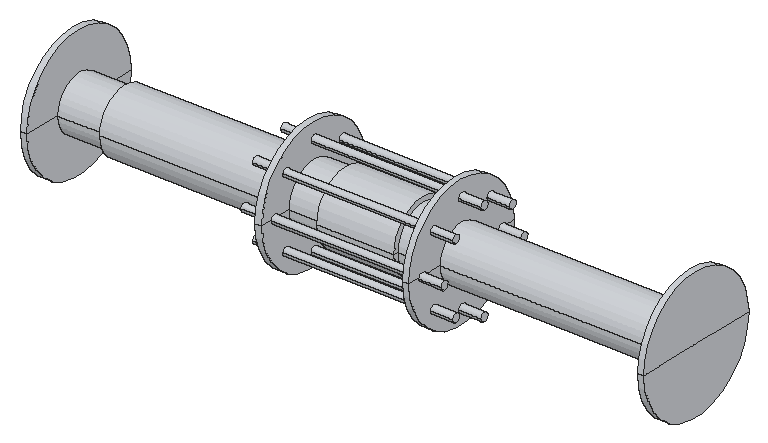
Revit family "df254bbe0ebb40a09fe2fa903b1b423b", category Pipe Fittings, Revit 2021
Family settings
  Round Connector Dimension = Use Radius
  Part Type = Union
  OmniClass Number = 23.60.30.11.14.14
  OmniClass Title = Pipe Expansion Compensators
  Work Plane-Based = No
  Always vertical = Yes
  Cut with Voids When Loaded = No
  Shared = No
Parameters (values of type "Standard")
  Wall Thickness [instance] = 0.3000"
  Tick Size 2 [instance] = Flange Diameter * 0.4  # 3.3920"
  Tick Size 1 [instance] = Fitting Outside Diameter * 0.4  # 1.4000"
  Slip Pipe Withdrawal [instance] = (Project Max Operating Temperature - Project Installation Temperature) / (Project Max Operating Temperature - Project Min Operating Temperature) * Axial Movement  # 1.74366"
  Project Temperature Change [instance] = 150 °F
  Project Pipe Length [instance] = 600.0000"
  Packing Ring Thickness [instance] = size_lookup(Lookup Table Name Ring, "FThk", 0.02 * Nominal Diameter + 0.3500", Nominal Diameter)  # 0.4100"
  Packing Ring Radius [instance] = Packing Ring Diameter / 2  # 4.2400"
  Packing Ring Diameter [instance] = size_lookup(Lookup Table Name Ring, "FDia", 1.13 * Nominal Diameter + 5.0900", Nominal Diameter)  # 8.4800"
  Packing Chamber Length Label [instance] = if(Packing Chamber Length > Length 5 - (2 * Body Ring Thickness) - 0.5000", Length 5 - 2 * Body Ring Thickness - 0.5000", Packing Chamber Length)  # 5.0000"
  Packing Chamber Length = 5.0000"
  Nominal Radius [instance] = 1.5000"
  Nominal Diameter [instance] = Nominal Radius * 2  # 3.0000"
  Project Min Operating Temperature [instance] = -30 °F
  Project Max Operating Temperature [instance] = 120 °F
  Loss Method = Not Defined
  Lookup Table Name Ring = "Flange - Ring - Steel - Class 86"
  Lookup Table Name Flange = "Flange - Ring - Steel - Class 300"
  Lookup Table Name = "Expansion Joint Slip-Type Single End without Limit Rods - BV - Steel"
  Length 4 [instance] = Open Length / 2  # 20.2500"
  Length 3 [instance] = cos(45.00°) * Length 1  # 2.29103"
  Length 2 [instance] = 3.0000"
  Length 1 [instance] = Body Ring Radius - 1.0000"  # 3.2400"
  Length [instance] = if(Open, Open Length, Open Length - Slip Pipe Withdrawal)  # 40.5000"
  Project Installation Temperature [instance] = 10 °F
  Flange Thickness [instance] = size_lookup(Lookup Table Name Flange, "FThk", 0.02 * Nominal Diameter + 0.3500", Nominal Diameter)  # 0.4100"
  Flange Radius [instance] = Flange Diameter / 2  # 4.2400"
  Flange Diameter [instance] = size_lookup(Lookup Table Name Flange, "FDia", 1.13 * Nominal Diameter + 5.0900", Nominal Diameter)  # 8.4800"
  Fitting Outside Radius [instance] = Fitting Outside Diameter / 2  # 1.7500"
  Fitting Outside Diameter [instance] = size_lookup(Lookup Table Name, "FOD", Nominal Diameter, Nominal Diameter)  # 3.5000"
  Open [instance] = yes
  Open Length [instance] = 40.5000"
  Default Elevation = 0.0000"
  Closed [instance] = not(Open)  # no
  Length 5 [instance] = 10.0000"
  Body Ring Thickness [instance] = size_lookup(Lookup Table Name Ring, "FThk", 0.02 * Nominal Diameter + 0.3500", Nominal Diameter)  # 0.4100"
  Body Ring Radius [instance] = Body Ring Diameter / 2  # 4.2400"
  Body Ring Diameter [instance] = size_lookup(Lookup Table Name Ring, "FDia", 1.13 * Nominal Diameter + 5.0900", Nominal Diameter)  # 8.4800"
  Axial Movement [instance] = 0.0000117 1/K * Project Pipe Length * (Project Temperature Change - -459.67 °F)  # 2.37771"
Reference planes (in)
  plane 1 "Center (Front/Back)": y = 0
  plane 2: z = 0
  plane 3 "Center (Left/Right)": x = 0
  plane 4: x = -20.25
  plane 5: x = 20.25
  plane 6: x = -16.84
  plane 7: x = -5
  plane 8: x = 5
  plane 9: y = 3.24
  plane 10: y = -3.24
  plane 11: y = 1.75
  plane 12: y = 2.05
  plane 13: y = 2.35
  plane 14: x = 4.59
  plane 15: x = -4.59
  plane 16: x = -2.5
  plane 17: x = 2.5
  plane 18 "body flange": y = 4.24
  plane 19: z = 3.24
  plane 20: z = -3.24
  plane 21: x = -6.5
  plane 22: x = 6.5
  plane 23: z = 2.29103
  plane 24: z = -2.29103
  plane 25: y = -2.29103
  plane 26: y = 2.29103
  plane 27: x = 16.84
  plane 28: x = 3.09
  plane 29 "packing ring": y = 4.24
  plane 30 "limit ring": y = 4.24
  plane 31: x = -19.84
  plane 32 "flange": y = 4.24
  plane 33: x = 19.84
Forms (in)
  Revolve 1, solid, detail levels fine
    sketch origin (0, 0, 0) x (1, 0, 0) y (0, 1, 0)
      loop
        line (-20.25, 0) -> (20.25, 0) -> (20.25, 4.24) -> (19.84, 4.24) -> (19.84, 1.75) -> (5, 1.75) -> (5, 4.24) -> (4.59, 4.24) -> (4.59, 2.05) -> (2.5, 2.05) -> (2.5, 2.35) -> (-2.5, 2.35) -> (-2.5, 2.05) -> (-4.59, 2.05) -> (-4.59, 4.24) -> (-5, 4.24) -> (-5, 2.05) -> (-16.84, 2.05) -> (-16.84, 1.75) -> (-19.84, 1.75) -> (-19.84, 4.24) -> (-20.25, 4.24) -> (-20.25, 0)
      axis (-20.25, 0) -> (20.25, 0)
    angle from 0 to 360
  Extrusion 2, solid, detail levels fine
    sketch origin (0, 0, 0) x (0, 1, 0) y (0, 0, 1)
      loop
        circle (-2.29103, 2.29103) r 0.25
      loop
        circle (-2.29103, -2.29103) r 0.25
      loop
        circle (2.29103, 2.29103) r 0.25
      loop
        circle (2.29103, -2.29103) r 0.25
      loop
        circle (0, -3.24) r 0.25
      loop
        circle (3.24, 0) r 0.25
      loop
        circle (-3.24, 0) r 0.25
      loop
        circle (0, 3.24) r 0.25
    from -6.5 to 6.5
Cuts and joins
  joined: Revolve 1, Extrusion 2
Lines and regions (in)
  model lines, detail levels coarse+medium
    curve 1: line (-20.25, 3.392, 0) -> (-20.25, -3.392, 0)
    curve 2: line (20.25, 3.392, 0) -> (20.25, -3.392, 0)
    curve 4: line (16.84, 0, 0) -> (20.25, 0, 0)
    curve 5: line (-20.25, 1.4, 0) -> (20.25, 1.4, 0)
    curve 6: line (20.25, -1.4, 0) -> (-20.25, -1.4, 0)
  model lines, style "PipeFitting", detail levels coarse+medium
    curve 3: line (-20.25, 0, 0) -> (-16.84, 0, 0)
Dimensions and locks (in)
  "Length": plane 4 to plane 5
  "Length 2": plane 31 to plane 6
  equal spacing: plane 7, plane 3 "Center (Left/Right)", plane 8
  "Length 5": plane 7 to plane 8
  "Length 1": plane 10 to plane 1 "Center (Front/Back)"
  "Length 1": plane 9 to plane 1 "Center (Front/Back)"
  "Fitting Outside Radius": plane 11 to plane 1 "Center (Front/Back)"
  "Wall Thickness": plane 12 to plane 11
  "Wall Thickness": plane 13 to plane 12
  "Body Ring Thickness": plane 7 to plane 15
  "Packing Ring Thickness": plane 14 to plane 8
  equal spacing: plane 16, plane 3 "Center (Left/Right)", plane 17
  "Packing Chamber Length Label": plane 16 to plane 17
  "Length 1": plane 2 to plane 20
  "Length 1": plane 19 to plane 2
  "Body Ring Radius": plane 18 "body flange" to plane 1 "Center (Front/Back)"
  locked: plane 21 to plane 7 at 1.5
  locked: plane 8 to plane 22 at 1.5
  "Length 4": plane 4 to plane 3 "Center (Left/Right)"
  "Tick Size 2": plane 1 "Center (Front/Back)" to curve 1
  "Tick Size 2": curve 1 to plane 1 "Center (Front/Back)"
  "Tick Size 2": plane 1 "Center (Front/Back)" to curve 2
  "Tick Size 2": curve 2 to plane 1 "Center (Front/Back)"
  "Length 3": plane 23 to plane 2
  "Length 3": plane 24 to plane 2
  "Length 3": plane 1 "Center (Front/Back)" to plane 26
  "Length 3": plane 25 to plane 1 "Center (Front/Back)"
  "Length 2": plane 27 to plane 33
  locked: plane 28 to plane 14 at 1.5
  "Packing Ring Radius": plane 29 "packing ring" to plane 1 "Center (Front/Back)"
  plane 30 "limit ring" to plane 1 "Center (Front/Back)" = 4.2400"
  "Flange Thickness": plane 4 to plane 31
  "Flange Radius": plane 32 "flange" to plane 1 "Center (Front/Back)"
  "Flange Thickness": plane 33 to plane 5
  "Tick Size 1": plane 1 "Center (Front/Back)" to curve 5
  "Tick Size 1": plane 1 "Center (Front/Back)" to curve 6
  radius of Extrusion 2 sketch curve = 0.2500"
  aligned and locked: plane 2 to level
  aligned and locked: plane 1 "Center (Front/Back)" to Revolve 1 sketch curve
  aligned and locked: plane 4 to Revolve 1 sketch curve
  aligned and locked: plane 6 to Revolve 1 sketch curve
  aligned and locked: Revolve 1 sketch curve to plane 12  (x3)
  aligned and locked: plane 7 to Revolve 1 sketch curve
  aligned and locked: Revolve 1 sketch curve to plane 18 "body flange"
  aligned and locked: Revolve 1 sketch curve to plane 15
  aligned and locked: plane 16 to Revolve 1 sketch curve
  aligned and locked: Revolve 1 sketch curve to plane 13
  aligned and locked: plane 17 to Revolve 1 sketch curve
  aligned and locked: Revolve 1 sketch curve to plane 14
  aligned and locked: plane 8 to Revolve 1 sketch curve
  aligned and locked: plane 5 to Revolve 1 sketch curve
  aligned and locked: Revolve 1 sketch curve to Revolve 1 sketch curve
  aligned and locked: plane 5 to curve 2
  aligned and locked: curve 1 to plane 4
  aligned and locked: plane 1 "Center (Front/Back)" to curve 3
  aligned and locked: plane 25 to Extrusion 2 sketch curve  (x2)
  aligned and locked: plane 23 to Extrusion 2 sketch curve  (x2)
  aligned and locked: plane 24 to Extrusion 2 sketch curve  (x2)
  aligned and locked: plane 26 to Extrusion 2 sketch curve  (x2)
  aligned and locked: Revolve 1 sketch curve to plane 11  (x2)
  aligned and locked: Revolve 1 sketch curve to plane 29 "packing ring"
  aligned and locked: plane 6 to curve 3
  aligned and locked: plane 27 to curve 4
  aligned and locked: Revolve 1 sketch curve to plane 32 "flange"  (x2)
  aligned and locked: Revolve 1 sketch curve to plane 31
  aligned and locked: plane 33 to Revolve 1 sketch curve
  aligned and locked: plane 4 to curve 5
  aligned and locked: plane 5 to curve 5
  aligned and locked: Extrusion 2 to plane 22
  aligned and locked: Extrusion 2 to plane 21
Automatic sketch dimensions
  Extrusion 2 sketch curve to level = 0.0000"  (x2)
  Extrusion 2 sketch curve to plane 10 = 0.0000"
  Extrusion 2 sketch curve to plane 1 "Center (Front/Back)" = 0.0000"  (x2)
  Extrusion 2 sketch curve to plane 9 = 0.0000"
  Extrusion 2 sketch curve to plane 20 = 0.0000"
  Extrusion 2 sketch curve to plane 19 = 0.0000"
  plane 1 "Center (Front/Back)" to curve 4 = 0.0000"
  Revolve 1 sketch curve to plane 4 = 7.7500"
  Revolve 1 sketch curve to plane 5 = 24.0000"
  radius of Extrusion 2 sketch curve = 0.2500"  (x7)
Connectors (in)
  piping at (-20.25, 0, 0), diameter 3, driven by "Nominal Radius"
    settings: on Revolve 1, index 1, connector inside diameter 3.0000", connector length 0.0000", flow factor 0, pipe flow 0 GPM, pressure drop 0.00 psi, fitting loss kfactor 0, connector angle 0.00°, fixture units 0, engagement length 0.0000", angle of deflection 0.00°, flow configuration 0, flow direction 0, fitting loss method 0, system type 28, joint type 0, gender type 0, connector reference index 2, connector utility 0, adjustable connector no, is connector primary yes, connector description ""
  piping at (20.25, 0, 0), diameter 3, driven by "Nominal Radius"
    settings: on Revolve 1, index 2, connector inside diameter 3.0000", connector length 0.0000", flow factor 0, pipe flow 0 GPM, pressure drop 0.00 psi, fitting loss kfactor 0, connector angle 0.00°, fixture units 0, engagement length 0.0000", angle of deflection 0.00°, flow configuration 0, flow direction 0, fitting loss method 0, system type 28, joint type 0, gender type 0, connector reference index 1, connector utility 0, adjustable connector no, is connector primary no, connector description ""
